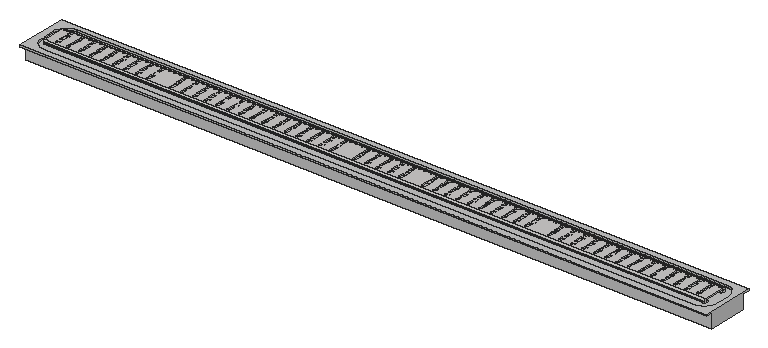
Revit family "Drain-Linear_Wave_Noble_FreeStyle", category Plumbing Fixtures, host Face, Revit 2015
Parameters (values of type "60in PVC")
  Weight = "10 lbs"
  URL = "www.noblecompany.com"
  Type Comments = ""
  Product Properties = "http://www.noblecompany.com/Portals/0/PRODUCT%20INFO/Product%20Descriptions/FreeStyle%20Linear%20Drain%20Product%20Decription%200410.pdf"
  Product Data = "http://www.noblecompany.com/Products/ShowerProducts/tabid/59/Default.aspx"
  Plate = Stainless Steel - Brushed
  Model = "Freestyle 60 PVC - Wave"
  Manufacturer Phone - Toll Free = "800-878-5788"
  Manufacturer Phone = "231-799-8000"
  Manufacturer Fax = "231-799-8850"
  Manufacturer Email = "mailto:sales@noblecompany.com"
  Manufacturer Address = "7300 Enterprise Drive, Spring Lake, MI  49456 USA"
  Manufacturer = "Noble Company"
  Installation-Fabrication = "http://www.noblecompany.com/Portals/0/PRODUCT%20INFO/Product%20Descriptions/FreeStyle%20Linear%20Drain%20Product%20Decription%200410.pdf"
  GPM = 0 GPM
  Description = "Freestyle 60 PVC - Wave Linear Drain"
  Building Codes = "http://www.noblecompany.com/Portals/0/TECHNICAL%20INFO/Listing_Testing_Certification_Reports/PMG-1065%20Noble%20Company%20Linear%20Drain%20final%202.pdf"
  Base = PVC
  B = 57 3/4"
  Assembly Code = "D2030300"
  A = 60"
  Default Elevation = 0"
  D = 1 5/8"
  C = 33 3/4"
Types (14): name | Model | Description | Base | B | A | D | C
  24in ABS | "Freestyle 24 ABS - Wave" | "Freestyle 24 ABS - Wave Linear Drain" | ABS | 21 3/4" | 24" | 1 1/4" | 15 3/4"
  32in ABS | "Freestyle 32 ABS - Wave" | "Freestyle 32 ABS - Wave Linear Drain" | ABS | 29 3/4" | 32" | 1 3/8" | 19 1/2"
  36in ABS | "Freestyle 36 ABS - Wave" | "Freestyle 36 ABS - Wave Linear Drain" | ABS | 33 3/4" | 36" | 1 3/8" | 21 3/4"
  40in ABS | "Freestyle 40 ABS - Wave" | "Freestyle 40 ABS - Wave Linear Drain" | ABS | 37 3/4" | 40" | 1 7/16" | 23 3/4"
  48in ABS | "Freestyle 48 ABS - Wave" | "Freestyle 48 ABS - Wave Linear Drain" | ABS | 45 3/4" | 48" | 1 1/2" | 27 3/4"
  54in ABS | "Freestyle 54 ABS - Wave" | "Freestyle 54 ABS - Wave Linear Drain" | ABS | 51 3/4" | 54" | 1 9/16" | 30 3/4"
  60in ABS | "Freestyle 60 ABS - Wave" | "Freestyle 60 ABS - Wave Linear Drain" | ABS | 57 3/4" | 60" | 1 5/8" | 33 3/4"
  24in PVC | "Freestyle 24 PVC - Wave" | "Freestyle 24 PVC - Wave Linear Drain" | PVC | 21 3/4" | 24" | 1 1/4" | 15 3/4"
  32in PVC | "Freestyle 32 PVC - Wave" | "Freestyle 32 PVC - Wave Linear Drain" | PVC | 29 3/4" | 32" | 1 3/8" | 19 1/2"
  36in PVC | "Freestyle 36 PVC - Wave" | "Freestyle 36 PVC - Wave Linear Drain" | PVC | 33 3/4" | 36" | 1 3/8" | 21 3/4"
  40in PVC | "Freestyle 40 PVC - Wave" | "Freestyle 40 PVC - Wave Linear Drain" | PVC | 37 3/4" | 40" | 1 7/16" | 23 3/4"
  48in PVC | "Freestyle 48 PVC - Wave" | "Freestyle 48 PVC - Wave Linear Drain" | PVC | 45 3/4" | 48" | 1 1/2" | 27 3/4"
  54in PVC | "Freestyle 54 PVC - Wave" | "Freestyle 54 PVC - Wave Linear Drain" | PVC | 51 3/4" | 54" | 1 9/16" | 30 3/4"
  60in PVC | "Freestyle 60 PVC - Wave" | "Freestyle 60 PVC - Wave Linear Drain" | PVC | 57 3/4" | 60" | 1 5/8" | 33 3/4"
Reference planes (in)
  plane 1 "Center (Front/Back)": y = 0
  plane 2: z = 0
  plane 3 "Center (Left/Right)": x = 0
  plane 4: z = -1.625
  plane 5: z = -4.05899
  plane 6: z = -1.625
  plane 7: y = 1.6875
  plane 8: y = -1.6875
  plane 9: z = -0.375
  plane 10: y = 2.25
  plane 11: y = -2.25
  plane 12: z = -0.3125
  plane 13: x = 30
  plane 14: x = -30
  plane 15: x = 28.875
  plane 16: x = -3.75
  plane 17: x = -28.875
  plane 18: z = -0.125
Forms (in)
  Extrusion 1, void, detail levels medium+fine
    sketch origin (0, 0, 0) x (1, 0, 0) y (0, 1, 0)
      loop
        circle (-3.75, 0) r 1
    from -60 to 34.55449
  Extrusion 2, solid, material "PVC" <- "Base", detail levels medium+fine
    sketch origin (10.05986, 0, 0) x (0, 1, 0) y (0, 0, 1)
      loop
        line (2.25, -0.375) -> (2.25, -0.25) -> (-2.25, -0.25) -> (-2.25, -0.375) -> (-1.6875, -0.375) -> (-1.6875, -1.625) -> (1.6875, -1.625) -> (1.6875, -0.375) -> (2.25, -0.375)
    from -40.05986 to 19.94014
  Extrusion 3, void
    sketch origin (10.05986, 0, 0) x (1, 0, 0) y (0, 1, 0)
      loop
        arc (-38.37906, 1.769) -> (-39.18512, 1.43512) -> (-39.519, 0.62906) r 1.13994
        line (-39.519, 0.62906) -> (-39.519, -0.63005)
        arc (-39.519, -0.63005) -> (-39.18541, -1.43541) -> (-38.38005, -1.769) r 1.13895
        line (-38.38005, -1.769) -> (18.37931, -1.769)
        arc (18.37931, -1.769) -> (19.18519, -1.43519) -> (19.519, -0.62931) r 1.13969
        line (19.519, -0.62931) -> (19.519, 0.62118)
        arc (19.519, 0.62118) -> (19.18281, 1.43281) -> (18.37118, 1.769) r 1.14782
        line (18.37118, 1.769) -> (-38.37906, 1.769)
    from -0.375 to 0
  Extrusion 4, void
    sketch origin (0, 0, 0) x (1, 0, 0) y (0, 1, 0)
      loop
        line (29, 1.269) -> (-29, 1.269) -> (-29, -1.269) -> (29, -1.269) -> (29, 1.269)
    from -0.125 to 0
  Extrusion 5, void, detail levels fine
    sketch origin (0, 0, 0) x (0, 1, 0) y (0, 0, 1)
      loop
        line (2.25, -0.375) -> (2.25, -0.125) -> (-2.25, -0.125) -> (-2.25, -0.375) -> (-1.6875, -0.375) -> (-1.6875, -1.625) -> (1.6875, -1.625) -> (1.6875, -0.375) -> (2.25, -0.375)
    from -30 to 30
Cuts and joins
  Extrusion 1, Extrusion 3 cuts Extrusion 2
Lines and regions (in)
  model lines, detail levels coarse+medium
    curve 1: line (-3.75, 0, 0) -> (-3.75, 0, -1.625)
  model lines, style "PlumbingFixtures", detail levels coarse
    curve 2: line (-30, 2.25, 0) -> (-30, -2.25, 0)
    curve 3: line (-30, 2.25, 0) -> (30, 2.25, 0)
    curve 4: line (30, 2.25, 0) -> (30, -2.25, 0)
    curve 5: line (-30, -2.25, 0) -> (30, -2.25, 0)
    curve 6: line (30, 0, 0) -> (-30, 0, 0)
Dimensions and locks (in)
  "D": plane 2 to plane 4
  locked: plane 4 to plane 5 at 2.43399
  "D": plane 6 to level
  equal spacing: plane 7, plane 1 "Center (Front/Back)", plane 8, locked at 1.6875 each
  locked: plane 9 to level at 0.375
  plane 7 to plane 8 = 3 3/8"
  locked: plane 10 to plane 7 at 0.5625
  locked: plane 8 to plane 11 at 0.5625
  "A": plane 14 to plane 13
  locked: plane 15 to plane 13 at 1.125
  "C": plane 16 to plane 13
  locked: plane 14 to plane 17 at 1.125
  locked: Extrusion 3 sketch curve to plane 13 at 0.42114
  locked: plane 14 to Extrusion 3 sketch curve at 0.54086
  equal spacing: plane 14, plane 3 "Center (Left/Right)", plane 13
  locked: plane 9 to plane 12 at 0.0625
  locked: level to plane 18 at 0.125
  level to Extrusion 2 sketch curve = 1/4"
  locked: plane 15 to Extrusion 4 sketch curve at 0.125
  locked: Extrusion 4 sketch curve to plane 17 at 0.125
  radius of Extrusion 1 sketch curve = 1"
  aligned and locked: plane 2 to host face
  aligned and locked: level to host face
  aligned and locked: plane 1 "Center (Front/Back)" to Extrusion 1 sketch curve
  aligned and locked: plane 13 to Extrusion 2
  aligned and locked: plane 16 to Extrusion 1 sketch curve
  aligned and locked: plane 10 to Extrusion 5 sketch curve
  aligned and locked: plane 9 to Extrusion 5 sketch curve
  aligned and locked: plane 7 to Extrusion 5 sketch curve
  aligned and locked: plane 4 to Extrusion 5 sketch curve
  aligned and locked: plane 11 to Extrusion 5 sketch curve
  aligned and locked: Extrusion 5 sketch curve to plane 8
  aligned and locked: Extrusion 5 to plane 14
  aligned and locked: plane 13 to Extrusion 5
  aligned and locked: curve 6 to plane 1 "Center (Front/Back)"
  aligned and locked: plane 14 to curve 6
  aligned and locked: plane 13 to curve 6
  aligned and locked: curve 1 to plane 16
  aligned and locked: level to curve 1
  aligned and locked: plane 6 to curve 1
  aligned and locked: Extrusion 2 to plane 14
  aligned and locked: plane 3 "Center (Left/Right)" to nested 1
  aligned and locked: plane 1 "Center (Front/Back)" to nested 1
  aligned and locked: plane 12 to nested 1
  aligned and locked: plane 9 to Extrusion 3
  aligned and locked: Extrusion 4 to plane 18
  aligned and locked: level to Extrusion 4
Automatic sketch dimensions
  host sketch curve to host sketch curve = 48 1/4"
  host sketch curve to host sketch curve = 96"
  plane 9 to Extrusion 2 sketch curve = 0"  (x2)
  Extrusion 2 sketch curve to plane 11 = 0"
  Extrusion 2 sketch curve to plane 4 = 0"
  Extrusion 2 sketch curve to plane 8 = 0"
  Extrusion 2 sketch curve to plane 7 = 0"
  Extrusion 2 sketch curve to plane 10 = 0"
  Extrusion 3 sketch curve to plane 8 = 0.0815"
  plane 17 to Extrusion 3 sketch curve = 0.55481"
  Extrusion 3 sketch curve to plane 7 = 0.0815"
  plane 17 to Extrusion 3 sketch curve = 0.5558"
  Extrusion 3 sketch curve to plane 15 = 0.44396"
  Extrusion 3 sketch curve to plane 15 = 0.43583"
  curve 2 to plane 10 = 0"
  curve 5 to plane 11 = 0"
  plane 9 to Extrusion 5 sketch curve = 0"
  Extrusion 5 sketch curve to plane 18 = 0"
  plane 8 to Extrusion 4 sketch curve = 0.4185"
  plane 7 to Extrusion 4 sketch curve = 0.4185"
Nested families (in)
  nested 1: "Strainer_Wave" at (-12.24848, 0, -0.3125), type "24"", detail levels fine
    with Strainer Length 57 3/4"
Connectors (in)
  piping at (-3.75, 0, -1.625), diameter 2, driven by "GPM"
    settings: on cut or joined group of Extrusion 1, Extrusion 2, Extrusion 3, index 1, connector inside diameter 2", connector length 0", flow factor 0, pipe flow 0 GPM, pressure drop 0.00 psi, fitting loss kfactor 0, connector angle 0.00°, fixture units 0, engagement length 0", angle of deflection 0.00°, flow configuration 0, flow direction 2, fitting loss method 0, system type 16, joint type 0, gender type 0, connector reference index -1, connector utility 0, adjustable connector no, is connector primary yes, connector description ""
Definition of nested family "Strainer_Wave"
  Parameters
    Strainer Width = 2 1/4"
    Strainer Height = 5/16"
    Strainer Length = 45 3/4"
    Strainer Finish = none
  Reference planes (in)
    plane 1 "Center (Front/Back)": y = 0
    plane 2: z = 0
    plane 3 "Center (Left/Right)": x = 12.24848
    plane 4 "Left": x = -10.62652
    plane 5 "Right": x = 35.12348
    plane 6: y = 1.125
    plane 7: y = -1.125
    plane 8: x = 42.24848
    plane 9: x = -17.75152
    plane 10: z = 0.3125
  Forms (in)
    Extrusion 1, void
      sketch origin (12.24848, 0, 0) x (0, 1, 0) y (0, 0, 1)
        loop
          line (1.1245, 0.3125) -> (0.9995, 0.3125)
          arc (0.9995, 0.3125) -> (1.08789, 0.27589) -> (1.1245, 0.1875) r 0.125
          line (1.1245, 0.1875) -> (1.1245, 0.3125)
        loop
          line (-1.1245, 0.3125) -> (-1.1245, 0.1875)
          arc (-1.1245, 0.1875) -> (-1.08789, 0.27589) -> (-0.9995, 0.3125) r 0.125
          line (-0.9995, 0.3125) -> (-1.1245, 0.3125)
        loop
          line (1.1245, 0) -> (1.1245, 0.125)
          arc (1.1245, 0.125) -> (1.08789, 0.03661) -> (0.9995, 0) r 0.125
          line (0.9995, 0) -> (1.1245, 0)
        loop
          line (-1.1245, 0) -> (-0.9995, 0)
          arc (-0.9995, 0) -> (-1.08789, 0.03661) -> (-1.1245, 0.125) r 0.125
          line (-1.1245, 0.125) -> (-1.1245, 0)
        loop
          line (-0.75, 0) -> (0.75, 0) -> (0.75, 0.0625) -> (0.9995, 0.0625)
          arc (0.9995, 0.0625) -> (1.06302, 0.15625) -> (0.9995, 0.25) r 0.10095
          line (0.9995, 0.25) -> (-0.9995, 0.25)
          arc (-0.9995, 0.25) -> (-1.06302, 0.15625) -> (-0.9995, 0.0625) r 0.10095
          line (-0.9995, 0.0625) -> (-0.75, 0.0625) -> (-0.75, 0)
      from -30 to 30
    Extrusion 2, void
      sketch origin (0, 0, 0) x (1, 0, 0) y (0, 1, 0)
        loop
          line (-17.75152, 1.25) -> (-17.75152, -1.25) -> (-10.62652, -1.25) -> (-10.62652, 1.25) -> (-17.75152, 1.25)
        loop
          line (35.12348, 1.25) -> (35.12348, -1.25) -> (42.24848, -1.25) -> (42.24848, 1.25) -> (35.12348, 1.25)
      from 0 to 0.3125
    Extrusion 3, solid, material <- "Strainer Finish", detail levels medium+fine
      sketch origin (0, 0, 0) x (1, 0, 0) y (0, 1, 0)
        loop
          line (-16.62652, 1.1245) -> (-16.62652, -1.1245) -> (41.12348, -1.1245) -> (41.12348, 1.1245) -> (-16.62652, 1.1245)
        loop
          line (-13.61152, -0.13547) -> (-13.61152, 0.2565) -> (-13.89152, 0.30808) -> (-13.89152, -0.18704) -> (-13.61152, -0.13547)
        loop
          line (-14.61152, -0.28503) -> (-14.61152, 0.40552) -> (-14.89152, 0.4255) -> (-14.89152, -0.30501) -> (-14.61152, -0.28503)
        loop
          line (-15.61152, -0.30506) -> (-15.61152, 0.42609) -> (-15.89152, 0.40611) -> (-15.89152, -0.28508) -> (-15.61152, -0.30506)
        loop
          line (-11.61152, 0.13847) -> (-11.89704, 0.06052) -> (-11.61152, -0.01744) -> (-11.61152, 0.13847)
        loop
          line (-12.89152, 0.13847) -> (-12.89152, -0.01744) -> (-12.606, 0.06052) -> (-12.89152, 0.13847)
        loop
          line (-15.89152, 0.65709) -> (-15.61152, 0.67707) -> (-15.61152, 0.81052)
          arc (-15.61152, 0.81052) -> (-15.75152, 0.95052) -> (-15.89152, 0.81052) r 0.14
          line (-15.89152, 0.81052) -> (-15.89152, 0.65709)
        loop
          line (-14.89152, 0.67639) -> (-14.61152, 0.65641) -> (-14.61152, 0.81052)
          arc (-14.61152, 0.81052) -> (-14.75152, 0.95052) -> (-14.89152, 0.81052) r 0.14
          line (-14.89152, 0.81052) -> (-14.89152, 0.67639)
        loop
          line (-13.89152, 0.5617) -> (-13.61152, 0.51012) -> (-13.61152, 0.81052)
          arc (-13.61152, 0.81052) -> (-13.75152, 0.95052) -> (-13.89152, 0.81052) r 0.14
          line (-13.89152, 0.81052) -> (-13.89152, 0.5617)
        loop
          arc (-12.61152, 0.81052) -> (-12.75152, 0.95052) -> (-12.89152, 0.81052) r 0.14
          line (-12.89152, 0.81052) -> (-12.89152, 0.36578) -> (-12.61152, 0.28933) -> (-12.61152, 0.81052)
        loop
          line (-15.89152, -0.53606) -> (-15.89152, -0.68948)
          arc (-15.89152, -0.68948) -> (-15.75152, -0.82948) -> (-15.61152, -0.68948) r 0.14
          line (-15.61152, -0.68948) -> (-15.61152, -0.55604) -> (-15.89152, -0.53606)
        loop
          line (-14.89152, -0.55535) -> (-14.89152, -0.68948)
          arc (-14.89152, -0.68948) -> (-14.75152, -0.82948) -> (-14.61152, -0.68948) r 0.14
          line (-14.61152, -0.68948) -> (-14.61152, -0.53538) -> (-14.89152, -0.55535)
        loop
          line (-13.89152, -0.44067) -> (-13.89152, -0.68948)
          arc (-13.89152, -0.68948) -> (-13.75152, -0.82948) -> (-13.61152, -0.68948) r 0.14
          line (-13.61152, -0.68948) -> (-13.61152, -0.38909) -> (-13.89152, -0.44067)
        loop
          line (-12.61152, -0.68948) -> (-12.61152, -0.1683) -> (-12.89152, -0.24475) -> (-12.89152, -0.68948)
          arc (-12.89152, -0.68948) -> (-12.75152, -0.82948) -> (-12.61152, -0.68948) r 0.14
        loop
          arc (-11.61152, 0.81052) -> (-11.75152, 0.95052) -> (-11.89152, 0.81052) r 0.14
          line (-11.89152, 0.81052) -> (-11.89152, 0.26879) -> (-11.61152, 0.34524) -> (-11.61152, 0.81052)
        loop
          line (-11.61152, -0.68948) -> (-11.61152, -0.22825) -> (-11.89152, -0.1518) -> (-11.89152, -0.68948)
          arc (-11.89152, -0.68948) -> (-11.75152, -0.82948) -> (-11.61152, -0.68948) r 0.14
        loop
          line (-8.61152, -0.17208) -> (-8.61152, 0.29086) -> (-8.89152, 0.34244) -> (-8.89152, -0.22366) -> (-8.61152, -0.17208)
        loop
          line (-7.89152, 0.13847) -> (-7.89152, -0.01744) -> (-7.606, 0.06052) -> (-7.89152, 0.13847)
        loop
          line (-8.89152, 0.59665) -> (-8.61152, 0.54507) -> (-8.61152, 0.81052)
          arc (-8.61152, 0.81052) -> (-8.75152, 0.95052) -> (-8.89152, 0.81052) r 0.14
          line (-8.89152, 0.81052) -> (-8.89152, 0.59665)
        loop
          arc (-7.61152, 0.81052) -> (-7.75152, 0.95052) -> (-7.89152, 0.81052) r 0.14
          line (-7.89152, 0.81052) -> (-7.89152, 0.39762) -> (-7.61152, 0.32117) -> (-7.61152, 0.81052)
        loop
          line (-8.89152, -0.47786) -> (-8.89152, -0.68948)
          arc (-8.89152, -0.68948) -> (-8.75152, -0.82948) -> (-8.61152, -0.68948) r 0.14
          line (-8.61152, -0.68948) -> (-8.61152, -0.42628) -> (-8.89152, -0.47786)
        loop
          line (-7.61152, -0.68948) -> (-7.61152, -0.20014) -> (-7.89152, -0.27659) -> (-7.89152, -0.68948)
          arc (-7.89152, -0.68948) -> (-7.75152, -0.82948) -> (-7.61152, -0.68948) r 0.14
        loop
          line (-10.89664, -0.13547) -> (-10.61664, -0.18704) -> (-10.61664, 0.30808) -> (-10.89664, 0.2565) -> (-10.89664, -0.13547)
        loop
          line (-10.61664, 0.5617) -> (-10.61664, 0.81052)
          arc (-10.61664, 0.81052) -> (-10.75664, 0.95052) -> (-10.89664, 0.81052) r 0.14
          line (-10.89664, 0.81052) -> (-10.89664, 0.51012) -> (-10.61664, 0.5617)
        loop
          line (-10.61664, -0.44067) -> (-10.89664, -0.38909) -> (-10.89664, -0.68948)
          arc (-10.89664, -0.68948) -> (-10.75664, -0.82948) -> (-10.61664, -0.68948) r 0.14
          line (-10.61664, -0.68948) -> (-10.61664, -0.44067)
        loop
          line (-9.61152, -0.30501) -> (-9.61152, 0.4255) -> (-9.89152, 0.4255) -> (-9.89152, -0.30501) -> (-9.61152, -0.30501)
        loop
          line (-9.89152, 0.67639) -> (-9.61152, 0.65641) -> (-9.61152, 0.81052)
          arc (-9.61152, 0.81052) -> (-9.75152, 0.95052) -> (-9.89152, 0.81052) r 0.14
          line (-9.89152, 0.81052) -> (-9.89152, 0.67639)
        loop
          line (-9.89152, -0.55535) -> (-9.89152, -0.68948)
          arc (-9.89152, -0.68948) -> (-9.75152, -0.82948) -> (-9.61152, -0.68948) r 0.14
          line (-9.61152, -0.68948) -> (-9.61152, -0.55535) -> (-9.89152, -0.55535)
        loop
          line (-5.61152, 0.13847) -> (-5.89704, 0.06052) -> (-5.61152, -0.01744) -> (-5.61152, 0.13847)
        loop
          arc (-5.61152, 0.81052) -> (-5.75152, 0.95052) -> (-5.89152, 0.81052) r 0.14
          line (-5.89152, 0.81052) -> (-5.89152, 0.26879) -> (-5.61152, 0.34524) -> (-5.61152, 0.81052)
        loop
          line (-5.61152, -0.68948) -> (-5.61152, -0.22825) -> (-5.89152, -0.1518) -> (-5.89152, -0.68948)
          arc (-5.89152, -0.68948) -> (-5.75152, -0.82948) -> (-5.61152, -0.68948) r 0.14
        loop
          line (-2.61152, -0.17208) -> (-2.61152, 0.29086) -> (-2.89152, 0.34244) -> (-2.89152, -0.22366) -> (-2.61152, -0.17208)
        loop
          line (-1.89152, 0.13847) -> (-1.89152, -0.01744) -> (-1.606, 0.06052) -> (-1.89152, 0.13847)
        loop
          line (-2.89152, 0.59665) -> (-2.61152, 0.54507) -> (-2.61152, 0.81052)
          arc (-2.61152, 0.81052) -> (-2.75152, 0.95052) -> (-2.89152, 0.81052) r 0.14
          line (-2.89152, 0.81052) -> (-2.89152, 0.59665)
        loop
          arc (-1.61152, 0.81052) -> (-1.75152, 0.95052) -> (-1.89152, 0.81052) r 0.14
          line (-1.89152, 0.81052) -> (-1.89152, 0.39762) -> (-1.61152, 0.32117) -> (-1.61152, 0.81052)
        loop
          line (-2.89152, -0.47786) -> (-2.89152, -0.68948)
          arc (-2.89152, -0.68948) -> (-2.75152, -0.82948) -> (-2.61152, -0.68948) r 0.14
          line (-2.61152, -0.68948) -> (-2.61152, -0.42628) -> (-2.89152, -0.47786)
        loop
          line (-1.61152, -0.68948) -> (-1.61152, -0.20014) -> (-1.89152, -0.27659) -> (-1.89152, -0.68948)
          arc (-1.89152, -0.68948) -> (-1.75152, -0.82948) -> (-1.61152, -0.68948) r 0.14
        loop
          line (-4.89664, -0.13547) -> (-4.61664, -0.18704) -> (-4.61664, 0.30808) -> (-4.89664, 0.2565) -> (-4.89664, -0.13547)
        loop
          line (-4.61664, 0.5617) -> (-4.61664, 0.81052)
          arc (-4.61664, 0.81052) -> (-4.75664, 0.95052) -> (-4.89664, 0.81052) r 0.14
          line (-4.89664, 0.81052) -> (-4.89664, 0.51012) -> (-4.61664, 0.5617)
        loop
          line (-4.61664, -0.44067) -> (-4.89664, -0.38909) -> (-4.89664, -0.68948)
          arc (-4.89664, -0.68948) -> (-4.75664, -0.82948) -> (-4.61664, -0.68948) r 0.14
          line (-4.61664, -0.68948) -> (-4.61664, -0.44067)
        loop
          line (-3.61152, -0.30501) -> (-3.61152, 0.4255) -> (-3.89152, 0.4255) -> (-3.89152, -0.30501) -> (-3.61152, -0.30501)
        loop
          line (-3.89152, 0.67639) -> (-3.61152, 0.65641) -> (-3.61152, 0.81052)
          arc (-3.61152, 0.81052) -> (-3.75152, 0.95052) -> (-3.89152, 0.81052) r 0.14
          line (-3.89152, 0.81052) -> (-3.89152, 0.67639)
        loop
          line (-3.89152, -0.55535) -> (-3.89152, -0.68948)
          arc (-3.89152, -0.68948) -> (-3.75152, -0.82948) -> (-3.61152, -0.68948) r 0.14
          line (-3.61152, -0.68948) -> (-3.61152, -0.55535) -> (-3.89152, -0.55535)
        loop
          line (-0.61152, 0.13847) -> (-0.89704, 0.06052) -> (-0.61152, -0.01744) -> (-0.61152, 0.13847)
        loop
          arc (-0.61152, 0.81052) -> (-0.75152, 0.95052) -> (-0.89152, 0.81052) r 0.14
          line (-0.89152, 0.81052) -> (-0.89152, 0.26879) -> (-0.61152, 0.34524) -> (-0.61152, 0.81052)
        loop
          line (-0.61152, -0.68948) -> (-0.61152, -0.22825) -> (-0.89152, -0.1518) -> (-0.89152, -0.68948)
          arc (-0.89152, -0.68948) -> (-0.75152, -0.82948) -> (-0.61152, -0.68948) r 0.14
        loop
          line (2.38848, -0.17208) -> (2.38848, 0.29086) -> (2.10848, 0.34244) -> (2.10848, -0.22366) -> (2.38848, -0.17208)
        loop
          line (3.10848, 0.13847) -> (3.10848, -0.01744) -> (3.394, 0.06052) -> (3.10848, 0.13847)
        loop
          line (2.10848, 0.59665) -> (2.38848, 0.54507) -> (2.38848, 0.81052)
          arc (2.38848, 0.81052) -> (2.24848, 0.95052) -> (2.10848, 0.81052) r 0.14
          line (2.10848, 0.81052) -> (2.10848, 0.59665)
        loop
          arc (3.38848, 0.81052) -> (3.24848, 0.95052) -> (3.10848, 0.81052) r 0.14
          line (3.10848, 0.81052) -> (3.10848, 0.39762) -> (3.38848, 0.32117) -> (3.38848, 0.81052)
        loop
          line (2.10848, -0.47786) -> (2.10848, -0.68948)
          arc (2.10848, -0.68948) -> (2.24848, -0.82948) -> (2.38848, -0.68948) r 0.14
          line (2.38848, -0.68948) -> (2.38848, -0.42628) -> (2.10848, -0.47786)
        loop
          line (3.38848, -0.68948) -> (3.38848, -0.20014) -> (3.10848, -0.27659) -> (3.10848, -0.68948)
          arc (3.10848, -0.68948) -> (3.24848, -0.82948) -> (3.38848, -0.68948) r 0.14
        loop
          line (0.10336, -0.13547) -> (0.38336, -0.18704) -> (0.38336, 0.30808) -> (0.10336, 0.2565) -> (0.10336, -0.13547)
        loop
          line (0.38336, 0.5617) -> (0.38336, 0.81052)
          arc (0.38336, 0.81052) -> (0.24336, 0.95052) -> (0.10336, 0.81052) r 0.14
          line (0.10336, 0.81052) -> (0.10336, 0.51012) -> (0.38336, 0.5617)
        loop
          line (0.38336, -0.44067) -> (0.10336, -0.38909) -> (0.10336, -0.68948)
          arc (0.10336, -0.68948) -> (0.24336, -0.82948) -> (0.38336, -0.68948) r 0.14
          line (0.38336, -0.68948) -> (0.38336, -0.44067)
        loop
          line (1.38848, -0.30501) -> (1.38848, 0.4255) -> (1.10848, 0.4255) -> (1.10848, -0.30501) -> (1.38848, -0.30501)
        loop
          line (1.10848, 0.67639) -> (1.38848, 0.65641) -> (1.38848, 0.81052)
          arc (1.38848, 0.81052) -> (1.24848, 0.95052) -> (1.10848, 0.81052) r 0.14
          line (1.10848, 0.81052) -> (1.10848, 0.67639)
        loop
          line (1.10848, -0.55535) -> (1.10848, -0.68948)
          arc (1.10848, -0.68948) -> (1.24848, -0.82948) -> (1.38848, -0.68948) r 0.14
          line (1.38848, -0.68948) -> (1.38848, -0.55535) -> (1.10848, -0.55535)
        loop
          line (4.38848, 0.13847) -> (4.10296, 0.06052) -> (4.38848, -0.01744) -> (4.38848, 0.13847)
        loop
          arc (4.38848, 0.81052) -> (4.24848, 0.95052) -> (4.10848, 0.81052) r 0.14
          line (4.10848, 0.81052) -> (4.10848, 0.26879) -> (4.38848, 0.34524) -> (4.38848, 0.81052)
        loop
          line (4.38848, -0.68948) -> (4.38848, -0.22825) -> (4.10848, -0.1518) -> (4.10848, -0.68948)
          arc (4.10848, -0.68948) -> (4.24848, -0.82948) -> (4.38848, -0.68948) r 0.14
        loop
          line (7.38848, -0.17208) -> (7.38848, 0.29086) -> (7.10848, 0.34244) -> (7.10848, -0.22366) -> (7.38848, -0.17208)
        loop
          line (8.10848, 0.13847) -> (8.10848, -0.01744) -> (8.394, 0.06052) -> (8.10848, 0.13847)
        loop
          line (7.10848, 0.59665) -> (7.38848, 0.54507) -> (7.38848, 0.81052)
          arc (7.38848, 0.81052) -> (7.24848, 0.95052) -> (7.10848, 0.81052) r 0.14
          line (7.10848, 0.81052) -> (7.10848, 0.59665)
        loop
          arc (8.38848, 0.81052) -> (8.24848, 0.95052) -> (8.10848, 0.81052) r 0.14
          line (8.10848, 0.81052) -> (8.10848, 0.39762) -> (8.38848, 0.32117) -> (8.38848, 0.81052)
        loop
          line (7.10848, -0.47786) -> (7.10848, -0.68948)
          arc (7.10848, -0.68948) -> (7.24848, -0.82948) -> (7.38848, -0.68948) r 0.14
          line (7.38848, -0.68948) -> (7.38848, -0.42628) -> (7.10848, -0.47786)
        loop
          line (8.38848, -0.68948) -> (8.38848, -0.20014) -> (8.10848, -0.27659) -> (8.10848, -0.68948)
          arc (8.10848, -0.68948) -> (8.24848, -0.82948) -> (8.38848, -0.68948) r 0.14
        loop
          line (5.10336, -0.13547) -> (5.38336, -0.18704) -> (5.38336, 0.30808) -> (5.10336, 0.2565) -> (5.10336, -0.13547)
        loop
          line (5.38336, 0.5617) -> (5.38336, 0.81052)
          arc (5.38336, 0.81052) -> (5.24336, 0.95052) -> (5.10336, 0.81052) r 0.14
          line (5.10336, 0.81052) -> (5.10336, 0.51012) -> (5.38336, 0.5617)
        loop
          line (5.38336, -0.44067) -> (5.10336, -0.38909) -> (5.10336, -0.68948)
          arc (5.10336, -0.68948) -> (5.24336, -0.82948) -> (5.38336, -0.68948) r 0.14
          line (5.38336, -0.68948) -> (5.38336, -0.44067)
        loop
          line (6.38848, -0.30501) -> (6.38848, 0.4255) -> (6.10848, 0.4255) -> (6.10848, -0.30501) -> (6.38848, -0.30501)
        loop
          line (6.10848, 0.67639) -> (6.38848, 0.65641) -> (6.38848, 0.81052)
          arc (6.38848, 0.81052) -> (6.24848, 0.95052) -> (6.10848, 0.81052) r 0.14
          line (6.10848, 0.81052) -> (6.10848, 0.67639)
        loop
          line (6.10848, -0.55535) -> (6.10848, -0.68948)
          arc (6.10848, -0.68948) -> (6.24848, -0.82948) -> (6.38848, -0.68948) r 0.14
          line (6.38848, -0.68948) -> (6.38848, -0.55535) -> (6.10848, -0.55535)
        loop
          line (10.38848, 0.13847) -> (10.10296, 0.06052) -> (10.38848, -0.01744) -> (10.38848, 0.13847)
        loop
          arc (10.38848, 0.81052) -> (10.24848, 0.95052) -> (10.10848, 0.81052) r 0.14
          line (10.10848, 0.81052) -> (10.10848, 0.26879) -> (10.38848, 0.34524) -> (10.38848, 0.81052)
        loop
          line (10.38848, -0.68948) -> (10.38848, -0.22825) -> (10.10848, -0.1518) -> (10.10848, -0.68948)
          arc (10.10848, -0.68948) -> (10.24848, -0.82948) -> (10.38848, -0.68948) r 0.14
        loop
          line (13.38848, -0.17208) -> (13.38848, 0.29086) -> (13.10848, 0.34244) -> (13.10848, -0.22366) -> (13.38848, -0.17208)
        loop
          line (14.10848, 0.13847) -> (14.10848, -0.01744) -> (14.394, 0.06052) -> (14.10848, 0.13847)
        loop
          line (13.10848, 0.59665) -> (13.38848, 0.54507) -> (13.38848, 0.81052)
          arc (13.38848, 0.81052) -> (13.24848, 0.95052) -> (13.10848, 0.81052) r 0.14
          line (13.10848, 0.81052) -> (13.10848, 0.59665)
        loop
          arc (14.38848, 0.81052) -> (14.24848, 0.95052) -> (14.10848, 0.81052) r 0.14
          line (14.10848, 0.81052) -> (14.10848, 0.39762) -> (14.38848, 0.32117) -> (14.38848, 0.81052)
        loop
          line (13.10848, -0.47786) -> (13.10848, -0.68948)
          arc (13.10848, -0.68948) -> (13.24848, -0.82948) -> (13.38848, -0.68948) r 0.14
          line (13.38848, -0.68948) -> (13.38848, -0.42628) -> (13.10848, -0.47786)
        loop
          line (14.38848, -0.68948) -> (14.38848, -0.20014) -> (14.10848, -0.27659) -> (14.10848, -0.68948)
          arc (14.10848, -0.68948) -> (14.24848, -0.82948) -> (14.38848, -0.68948) r 0.14
        loop
          line (11.10336, -0.13547) -> (11.38336, -0.18704) -> (11.38336, 0.30808) -> (11.10336, 0.2565) -> (11.10336, -0.13547)
        loop
          line (11.38336, 0.5617) -> (11.38336, 0.81052)
          arc (11.38336, 0.81052) -> (11.24336, 0.95052) -> (11.10336, 0.81052) r 0.14
          line (11.10336, 0.81052) -> (11.10336, 0.51012) -> (11.38336, 0.5617)
        loop
          line (11.38336, -0.44067) -> (11.10336, -0.38909) -> (11.10336, -0.68948)
          arc (11.10336, -0.68948) -> (11.24336, -0.82948) -> (11.38336, -0.68948) r 0.14
          line (11.38336, -0.68948) -> (11.38336, -0.44067)
        loop
          line (12.38848, -0.30501) -> (12.38848, 0.4255) -> (12.10848, 0.4255) -> (12.10848, -0.30501) -> (12.38848, -0.30501)
        loop
          line (12.10848, 0.67639) -> (12.38848, 0.65641) -> (12.38848, 0.81052)
          arc (12.38848, 0.81052) -> (12.24848, 0.95052) -> (12.10848, 0.81052) r 0.14
          line (12.10848, 0.81052) -> (12.10848, 0.67639)
        loop
          line (12.10848, -0.55535) -> (12.10848, -0.68948)
          arc (12.10848, -0.68948) -> (12.24848, -0.82948) -> (12.38848, -0.68948) r 0.14
          line (12.38848, -0.68948) -> (12.38848, -0.55535) -> (12.10848, -0.55535)
        loop
          line (16.38848, 0.13847) -> (16.10296, 0.06052) -> (16.38848, -0.01744) -> (16.38848, 0.13847)
        loop
          arc (16.38848, 0.81052) -> (16.24848, 0.95052) -> (16.10848, 0.81052) r 0.14
          line (16.10848, 0.81052) -> (16.10848, 0.26879) -> (16.38848, 0.34524) -> (16.38848, 0.81052)
        loop
          line (16.38848, -0.68948) -> (16.38848, -0.22825) -> (16.10848, -0.1518) -> (16.10848, -0.68948)
          arc (16.10848, -0.68948) -> (16.24848, -0.82948) -> (16.38848, -0.68948) r 0.14
        loop
          line (19.38848, -0.17208) -> (19.38848, 0.29086) -> (19.10848, 0.34244) -> (19.10848, -0.22366) -> (19.38848, -0.17208)
        loop
          line (20.10848, 0.13847) -> (20.10848, -0.01744) -> (20.394, 0.06052) -> (20.10848, 0.13847)
        loop
          line (19.10848, 0.59665) -> (19.38848, 0.54507) -> (19.38848, 0.81052)
          arc (19.38848, 0.81052) -> (19.24848, 0.95052) -> (19.10848, 0.81052) r 0.14
          line (19.10848, 0.81052) -> (19.10848, 0.59665)
        loop
          arc (20.38848, 0.81052) -> (20.24848, 0.95052) -> (20.10848, 0.81052) r 0.14
          line (20.10848, 0.81052) -> (20.10848, 0.39762) -> (20.38848, 0.32117) -> (20.38848, 0.81052)
        loop
          line (19.10848, -0.47786) -> (19.10848, -0.68948)
          arc (19.10848, -0.68948) -> (19.24848, -0.82948) -> (19.38848, -0.68948) r 0.14
          line (19.38848, -0.68948) -> (19.38848, -0.42628) -> (19.10848, -0.47786)
        loop
          line (20.38848, -0.68948) -> (20.38848, -0.20014) -> (20.10848, -0.27659) -> (20.10848, -0.68948)
          arc (20.10848, -0.68948) -> (20.24848, -0.82948) -> (20.38848, -0.68948) r 0.14
        loop
          line (17.10336, -0.13547) -> (17.38336, -0.18704) -> (17.38336, 0.30808) -> (17.10336, 0.2565) -> (17.10336, -0.13547)
        loop
          line (17.38336, 0.5617) -> (17.38336, 0.81052)
          arc (17.38336, 0.81052) -> (17.24336, 0.95052) -> (17.10336, 0.81052) r 0.14
          line (17.10336, 0.81052) -> (17.10336, 0.51012) -> (17.38336, 0.5617)
        loop
          line (17.38336, -0.44067) -> (17.10336, -0.38909) -> (17.10336, -0.68948)
          arc (17.10336, -0.68948) -> (17.24336, -0.82948) -> (17.38336, -0.68948) r 0.14
          line (17.38336, -0.68948) -> (17.38336, -0.44067)
        loop
          line (18.38848, -0.30501) -> (18.38848, 0.4255) -> (18.10848, 0.4255) -> (18.10848, -0.30501) -> (18.38848, -0.30501)
        loop
          line (18.10848, 0.67639) -> (18.38848, 0.65641) -> (18.38848, 0.81052)
          arc (18.38848, 0.81052) -> (18.24848, 0.95052) -> (18.10848, 0.81052) r 0.14
          line (18.10848, 0.81052) -> (18.10848, 0.67639)
        loop
          line (18.10848, -0.55535) -> (18.10848, -0.68948)
          arc (18.10848, -0.68948) -> (18.24848, -0.82948) -> (18.38848, -0.68948) r 0.14
          line (18.38848, -0.68948) -> (18.38848, -0.55535) -> (18.10848, -0.55535)
        loop
          line (21.38848, 0.13847) -> (21.10296, 0.06052) -> (21.38848, -0.01744) -> (21.38848, 0.13847)
        loop
          arc (21.38848, 0.81052) -> (21.24848, 0.95052) -> (21.10848, 0.81052) r 0.14
          line (21.10848, 0.81052) -> (21.10848, 0.26879) -> (21.38848, 0.34524) -> (21.38848, 0.81052)
        loop
          line (21.38848, -0.68948) -> (21.38848, -0.22825) -> (21.10848, -0.1518) -> (21.10848, -0.68948)
          arc (21.10848, -0.68948) -> (21.24848, -0.82948) -> (21.38848, -0.68948) r 0.14
        loop
          line (24.38848, -0.17208) -> (24.38848, 0.29086) -> (24.10848, 0.34244) -> (24.10848, -0.22366) -> (24.38848, -0.17208)
        loop
          line (25.10848, 0.13847) -> (25.10848, -0.01744) -> (25.394, 0.06052) -> (25.10848, 0.13847)
        loop
          line (24.10848, 0.59665) -> (24.38848, 0.54507) -> (24.38848, 0.81052)
          arc (24.38848, 0.81052) -> (24.24848, 0.95052) -> (24.10848, 0.81052) r 0.14
          line (24.10848, 0.81052) -> (24.10848, 0.59665)
        loop
          arc (25.38848, 0.81052) -> (25.24848, 0.95052) -> (25.10848, 0.81052) r 0.14
          line (25.10848, 0.81052) -> (25.10848, 0.39762) -> (25.38848, 0.32117) -> (25.38848, 0.81052)
        loop
          line (24.10848, -0.47786) -> (24.10848, -0.68948)
          arc (24.10848, -0.68948) -> (24.24848, -0.82948) -> (24.38848, -0.68948) r 0.14
          line (24.38848, -0.68948) -> (24.38848, -0.42628) -> (24.10848, -0.47786)
        loop
          line (25.38848, -0.68948) -> (25.38848, -0.20014) -> (25.10848, -0.27659) -> (25.10848, -0.68948)
          arc (25.10848, -0.68948) -> (25.24848, -0.82948) -> (25.38848, -0.68948) r 0.14
        loop
          line (22.10336, -0.13547) -> (22.38336, -0.18704) -> (22.38336, 0.30808) -> (22.10336, 0.2565) -> (22.10336, -0.13547)
        loop
          line (22.38336, 0.5617) -> (22.38336, 0.81052)
          arc (22.38336, 0.81052) -> (22.24336, 0.95052) -> (22.10336, 0.81052) r 0.14
          line (22.10336, 0.81052) -> (22.10336, 0.51012) -> (22.38336, 0.5617)
        loop
          line (22.38336, -0.44067) -> (22.10336, -0.38909) -> (22.10336, -0.68948)
          arc (22.10336, -0.68948) -> (22.24336, -0.82948) -> (22.38336, -0.68948) r 0.14
          line (22.38336, -0.68948) -> (22.38336, -0.44067)
        loop
          line (23.38848, -0.30501) -> (23.38848, 0.4255) -> (23.10848, 0.4255) -> (23.10848, -0.30501) -> (23.38848, -0.30501)
        loop
          line (23.10848, 0.67639) -> (23.38848, 0.65641) -> (23.38848, 0.81052)
          arc (23.38848, 0.81052) -> (23.24848, 0.95052) -> (23.10848, 0.81052) r 0.14
          line (23.10848, 0.81052) -> (23.10848, 0.67639)
        loop
          line (23.10848, -0.55535) -> (23.10848, -0.68948)
          arc (23.10848, -0.68948) -> (23.24848, -0.82948) -> (23.38848, -0.68948) r 0.14
          line (23.38848, -0.68948) -> (23.38848, -0.55535) -> (23.10848, -0.55535)
        loop
          line (27.38848, 0.13847) -> (27.10296, 0.06052) -> (27.38848, -0.01744) -> (27.38848, 0.13847)
        loop
          arc (27.38848, 0.81052) -> (27.24848, 0.95052) -> (27.10848, 0.81052) r 0.14
          line (27.10848, 0.81052) -> (27.10848, 0.26879) -> (27.38848, 0.34524) -> (27.38848, 0.81052)
        loop
          line (27.38848, -0.68948) -> (27.38848, -0.22825) -> (27.10848, -0.1518) -> (27.10848, -0.68948)
          arc (27.10848, -0.68948) -> (27.24848, -0.82948) -> (27.38848, -0.68948) r 0.14
        loop
          line (30.38848, -0.17208) -> (30.38848, 0.29086) -> (30.10848, 0.34244) -> (30.10848, -0.22366) -> (30.38848, -0.17208)
        loop
          line (31.10848, 0.13847) -> (31.10848, -0.01744) -> (31.394, 0.06052) -> (31.10848, 0.13847)
        loop
          line (30.10848, 0.59665) -> (30.38848, 0.54507) -> (30.38848, 0.81052)
          arc (30.38848, 0.81052) -> (30.24848, 0.95052) -> (30.10848, 0.81052) r 0.14
          line (30.10848, 0.81052) -> (30.10848, 0.59665)
        loop
          arc (31.38848, 0.81052) -> (31.24848, 0.95052) -> (31.10848, 0.81052) r 0.14
          line (31.10848, 0.81052) -> (31.10848, 0.39762) -> (31.38848, 0.32117) -> (31.38848, 0.81052)
        loop
          line (30.10848, -0.47786) -> (30.10848, -0.68948)
          arc (30.10848, -0.68948) -> (30.24848, -0.82948) -> (30.38848, -0.68948) r 0.14
          line (30.38848, -0.68948) -> (30.38848, -0.42628) -> (30.10848, -0.47786)
        loop
          line (31.38848, -0.68948) -> (31.38848, -0.20014) -> (31.10848, -0.27659) -> (31.10848, -0.68948)
          arc (31.10848, -0.68948) -> (31.24848, -0.82948) -> (31.38848, -0.68948) r 0.14
        loop
          line (28.10336, -0.13547) -> (28.38336, -0.18704) -> (28.38336, 0.30808) -> (28.10336, 0.2565) -> (28.10336, -0.13547)
        loop
          line (28.38336, 0.5617) -> (28.38336, 0.81052)
          arc (28.38336, 0.81052) -> (28.24336, 0.95052) -> (28.10336, 0.81052) r 0.14
          line (28.10336, 0.81052) -> (28.10336, 0.51012) -> (28.38336, 0.5617)
        loop
          line (28.38336, -0.44067) -> (28.10336, -0.38909) -> (28.10336, -0.68948)
          arc (28.10336, -0.68948) -> (28.24336, -0.82948) -> (28.38336, -0.68948) r 0.14
          line (28.38336, -0.68948) -> (28.38336, -0.44067)
        loop
          line (29.38848, -0.30501) -> (29.38848, 0.4255) -> (29.10848, 0.4255) -> (29.10848, -0.30501) -> (29.38848, -0.30501)
        loop
          line (29.10848, 0.67639) -> (29.38848, 0.65641) -> (29.38848, 0.81052)
          arc (29.38848, 0.81052) -> (29.24848, 0.95052) -> (29.10848, 0.81052) r 0.14
          line (29.10848, 0.81052) -> (29.10848, 0.67639)
        loop
          line (29.10848, -0.55535) -> (29.10848, -0.68948)
          arc (29.10848, -0.68948) -> (29.24848, -0.82948) -> (29.38848, -0.68948) r 0.14
          line (29.38848, -0.68948) -> (29.38848, -0.55535) -> (29.10848, -0.55535)
        loop
          line (32.38848, 0.13847) -> (32.10296, 0.06052) -> (32.38848, -0.01744) -> (32.38848, 0.13847)
        loop
          arc (32.38848, 0.81052) -> (32.24848, 0.95052) -> (32.10848, 0.81052) r 0.14
          line (32.10848, 0.81052) -> (32.10848, 0.26879) -> (32.38848, 0.34524) -> (32.38848, 0.81052)
        loop
          line (32.38848, -0.68948) -> (32.38848, -0.22825) -> (32.10848, -0.1518) -> (32.10848, -0.68948)
          arc (32.10848, -0.68948) -> (32.24848, -0.82948) -> (32.38848, -0.68948) r 0.14
        loop
          line (35.38848, -0.17208) -> (35.38848, 0.29086) -> (35.10848, 0.34244) -> (35.10848, -0.22366) -> (35.38848, -0.17208)
        loop
          line (36.10848, 0.13847) -> (36.10848, -0.01744) -> (36.394, 0.06052) -> (36.10848, 0.13847)
        loop
          line (35.10848, 0.59665) -> (35.38848, 0.54507) -> (35.38848, 0.81052)
          arc (35.38848, 0.81052) -> (35.24848, 0.95052) -> (35.10848, 0.81052) r 0.14
          line (35.10848, 0.81052) -> (35.10848, 0.59665)
        loop
          arc (36.38848, 0.81052) -> (36.24848, 0.95052) -> (36.10848, 0.81052) r 0.14
          line (36.10848, 0.81052) -> (36.10848, 0.39762) -> (36.38848, 0.32117) -> (36.38848, 0.81052)
        loop
          line (35.10848, -0.47786) -> (35.10848, -0.68948)
          arc (35.10848, -0.68948) -> (35.24848, -0.82948) -> (35.38848, -0.68948) r 0.14
          line (35.38848, -0.68948) -> (35.38848, -0.42628) -> (35.10848, -0.47786)
        loop
          line (36.38848, -0.68948) -> (36.38848, -0.20014) -> (36.10848, -0.27659) -> (36.10848, -0.68948)
          arc (36.10848, -0.68948) -> (36.24848, -0.82948) -> (36.38848, -0.68948) r 0.14
        loop
          line (33.10336, -0.13547) -> (33.38336, -0.18704) -> (33.38336, 0.30808) -> (33.10336, 0.2565) -> (33.10336, -0.13547)
        loop
          line (33.38336, 0.5617) -> (33.38336, 0.81052)
          arc (33.38336, 0.81052) -> (33.24336, 0.95052) -> (33.10336, 0.81052) r 0.14
          line (33.10336, 0.81052) -> (33.10336, 0.51012) -> (33.38336, 0.5617)
        loop
          line (33.38336, -0.44067) -> (33.10336, -0.38909) -> (33.10336, -0.68948)
          arc (33.10336, -0.68948) -> (33.24336, -0.82948) -> (33.38336, -0.68948) r 0.14
          line (33.38336, -0.68948) -> (33.38336, -0.44067)
        loop
          line (34.38848, -0.30501) -> (34.38848, 0.4255) -> (34.10848, 0.4255) -> (34.10848, -0.30501) -> (34.38848, -0.30501)
        loop
          line (34.10848, 0.67639) -> (34.38848, 0.65641) -> (34.38848, 0.81052)
          arc (34.38848, 0.81052) -> (34.24848, 0.95052) -> (34.10848, 0.81052) r 0.14
          line (34.10848, 0.81052) -> (34.10848, 0.67639)
        loop
          line (34.10848, -0.55535) -> (34.10848, -0.68948)
          arc (34.10848, -0.68948) -> (34.24848, -0.82948) -> (34.38848, -0.68948) r 0.14
          line (34.38848, -0.68948) -> (34.38848, -0.55535) -> (34.10848, -0.55535)
        loop
          line (37.38848, 0.13847) -> (37.10296, 0.06052) -> (37.38848, -0.01744) -> (37.38848, 0.13847)
        loop
          arc (37.38848, 0.81052) -> (37.24848, 0.95052) -> (37.10848, 0.81052) r 0.14
          line (37.10848, 0.81052) -> (37.10848, 0.26879) -> (37.38848, 0.34524) -> (37.38848, 0.81052)
        loop
          line (37.38848, -0.68948) -> (37.38848, -0.22825) -> (37.10848, -0.1518) -> (37.10848, -0.68948)
          arc (37.10848, -0.68948) -> (37.24848, -0.82948) -> (37.38848, -0.68948) r 0.14
        loop
          line (40.38848, -0.24232) -> (40.38848, 0.37561) -> (40.10848, 0.42719) -> (40.10848, -0.2939) -> (40.38848, -0.24232)
        loop
          line (40.10848, 0.59665) -> (40.38848, 0.54507) -> (40.38848, 0.81052)
          arc (40.38848, 0.81052) -> (40.24848, 0.95052) -> (40.10848, 0.81052) r 0.14
          line (40.10848, 0.81052) -> (40.10848, 0.59665)
        loop
          line (40.10848, -0.5481) -> (40.10848, -0.68948)
          arc (40.10848, -0.68948) -> (40.24848, -0.82948) -> (40.38848, -0.68948) r 0.14
          line (40.38848, -0.68948) -> (40.38848, -0.49653) -> (40.10848, -0.5481)
        loop
          line (38.10336, -0.13547) -> (38.38336, -0.18704) -> (38.38336, 0.30808) -> (38.10336, 0.2565) -> (38.10336, -0.13547)
        loop
          line (38.38336, 0.5617) -> (38.38336, 0.81052)
          arc (38.38336, 0.81052) -> (38.24336, 0.95052) -> (38.10336, 0.81052) r 0.14
          line (38.10336, 0.81052) -> (38.10336, 0.51012) -> (38.38336, 0.5617)
        loop
          line (38.38336, -0.44067) -> (38.10336, -0.38909) -> (38.10336, -0.68948)
          arc (38.10336, -0.68948) -> (38.24336, -0.82948) -> (38.38336, -0.68948) r 0.14
          line (38.38336, -0.68948) -> (38.38336, -0.44067)
        loop
          line (39.38848, -0.30501) -> (39.38848, 0.4255) -> (39.10848, 0.4255) -> (39.10848, -0.30501) -> (39.38848, -0.30501)
        loop
          line (39.10848, 0.67639) -> (39.38848, 0.65641) -> (39.38848, 0.81052)
          arc (39.38848, 0.81052) -> (39.24848, 0.95052) -> (39.10848, 0.81052) r 0.14
          line (39.10848, 0.81052) -> (39.10848, 0.67639)
        loop
          line (39.10848, -0.55535) -> (39.10848, -0.68948)
          arc (39.10848, -0.68948) -> (39.24848, -0.82948) -> (39.38848, -0.68948) r 0.14
          line (39.38848, -0.68948) -> (39.38848, -0.55535) -> (39.10848, -0.55535)
      from 0 to 0.3125
  Cuts and joins
    Extrusion 1, Extrusion 2 cuts Extrusion 3
  Dimensions and locks (in)
    "Strainer Length": plane 4 "Left" to plane 5 "Right"
    equal spacing: plane 4 "Left", plane 3 "Center (Left/Right)", plane 5 "Right"
    equal spacing: plane 7, plane 1 "Center (Front/Back)", plane 6
    "Strainer Width": plane 6 to plane 7
    "Strainer Height": plane 10 to level
    Extrusion 1 to level = 5/16"
    plane 9 to plane 3 "Center (Left/Right)" to plane 8 = 30" locked, 30" locked
    Extrusion 2 sketch curve to plane 1 "Center (Front/Back)" to Extrusion 2 sketch curve = 1 1/4" locked, 1 1/4" locked  (x2)
    locked: Extrusion 3 sketch curve to Extrusion 3 sketch curve at 57.75
    aligned and locked: Extrusion 1 to plane 9
    aligned and locked: plane 8 to Extrusion 1
    aligned and locked: plane 9 to Extrusion 2 sketch curve
    aligned and locked: Extrusion 2 sketch curve to plane 4 "Left"
    aligned and locked: Extrusion 2 sketch curve to plane 8
    aligned and locked: plane 5 "Right" to Extrusion 2 sketch curve
  Automatic sketch dimensions
    Extrusion 1 sketch curve to level = 0"  (x3)
    Extrusion 1 sketch curve to plane 10 = 0"  (x2)
    plane 7 to Extrusion 1 sketch curve = 0.0005"  (x2)
    Extrusion 1 sketch curve to Extrusion 1 sketch curve = 1/8"  (x2)
    Extrusion 1 sketch curve to Extrusion 1 sketch curve = 0"  (x4)
    Extrusion 1 sketch curve to Extrusion 1 sketch curve = 0.03743"
    Extrusion 1 sketch curve to Extrusion 1 sketch curve = 0.2495"
    Extrusion 1 sketch curve to plane 6 = 3/8"
    Extrusion 1 sketch curve to plane 6 = 0.16293"
    Extrusion 1 sketch curve to plane 6 = 0.1255"  (x2)
    Extrusion 1 sketch curve to plane 6 = 0.0005"  (x2)
    level to Extrusion 1 sketch curve = 1/16"  (x2)
    Extrusion 1 sketch curve to Extrusion 1 sketch curve = 1/32"
    Extrusion 3 sketch curve to plane 8 = 58 7/8"
    Extrusion 3 sketch curve to Extrusion 3 sketch curve = 0.735"  (x2)
    Extrusion 3 sketch curve to Extrusion 3 sketch curve = 0"  (x110)
    Extrusion 3 sketch curve to Extrusion 3 sketch curve = 0.14"  (x106)
    Extrusion 3 sketch curve to Extrusion 3 sketch curve = 0.72"  (x38)
    Extrusion 3 sketch curve to Extrusion 3 sketch curve = 0.00552"  (x22)
    Extrusion 3 sketch curve to Extrusion 3 sketch curve = 0.70896"  (x6)
    Extrusion 3 sketch curve to Extrusion 3 sketch curve = 0.71488"  (x11)
    Extrusion 3 sketch curve to Extrusion 3 sketch curve = 0.72512"  (x19)
    Extrusion 3 sketch curve to Extrusion 3 sketch curve = 1.70896"  (x4)
    plane 7 to Extrusion 3 sketch curve = 1.18552"  (x16)
    plane 7 to Extrusion 3 sketch curve = 1.26347"  (x4)
    plane 7 to Extrusion 3 sketch curve = 1.3815"  (x4)
    plane 7 to Extrusion 3 sketch curve = 0.90134"  (x6)
    plane 7 to Extrusion 3 sketch curve = 1.10756"  (x5)
    plane 7 to Extrusion 3 sketch curve = 1.41586"  (x3)
    plane 7 to Extrusion 3 sketch curve = 0.98953"
    plane 7 to Extrusion 3 sketch curve = 0.93796"  (x3)
    plane 7 to Extrusion 3 sketch curve = 0.95292"
    plane 7 to Extrusion 3 sketch curve = 0.9732"
    plane 7 to Extrusion 3 sketch curve = 1.50061"
    Extrusion 3 sketch curve to Extrusion 3 sketch curve = 0.21081"  (x6)
    Extrusion 3 sketch curve to Extrusion 3 sketch curve = 0.28876"  (x2)
    Extrusion 3 sketch curve to Extrusion 3 sketch curve = 0.36672"  (x4)
    Extrusion 3 sketch curve to Extrusion 3 sketch curve = 0.61793"
    Extrusion 3 sketch curve to Extrusion 3 sketch curve = 0.0165"
    Extrusion 3 sketch curve to Extrusion 3 sketch curve = 0.3371"  (x7)
    Extrusion 3 sketch curve to Extrusion 3 sketch curve = 0.25915"  (x18)
    Extrusion 3 sketch curve to Extrusion 3 sketch curve = 0.04834"
    Extrusion 3 sketch curve to Extrusion 3 sketch curve = 0.04029"
    Extrusion 3 sketch curve to Extrusion 3 sketch curve = 0.00004"
    Extrusion 3 sketch curve to Extrusion 3 sketch curve = 0.05158"  (x33)
    Extrusion 3 sketch curve to Extrusion 3 sketch curve = 0.07677"
    Extrusion 3 sketch curve to Extrusion 3 sketch curve = 0.08136"  (x6)
    Extrusion 3 sketch curve to Extrusion 3 sketch curve = 0.01111"
    Extrusion 3 sketch curve to Extrusion 3 sketch curve = 0.13294"
    Extrusion 3 sketch curve to Extrusion 3 sketch curve = 0.01998"  (x4)
    Extrusion 3 sketch curve to Extrusion 3 sketch curve = 0.02843"
    Extrusion 3 sketch curve to Extrusion 3 sketch curve = 0.14434"
    Extrusion 3 sketch curve to Extrusion 3 sketch curve = 0.64559"  (x2)
    Extrusion 3 sketch curve to Extrusion 3 sketch curve = 0.16084"  (x4)
    Extrusion 3 sketch curve to Extrusion 3 sketch curve = 0.25362"  (x44)
    Extrusion 3 sketch curve to Extrusion 3 sketch curve = 0.20204"  (x3)
    Extrusion 3 sketch curve to Extrusion 3 sketch curve = 0.20263"  (x6)
    Extrusion 3 sketch curve to Extrusion 3 sketch curve = 0.25421"  (x38)
    Extrusion 3 sketch curve to Extrusion 3 sketch curve = 0.1497"  (x2)
    Extrusion 3 sketch curve to Extrusion 3 sketch curve = 0.25034"  (x12)
    Extrusion 3 sketch curve to Extrusion 3 sketch curve = 0.25098"  (x4)
    Extrusion 3 sketch curve to Extrusion 3 sketch curve = 0.2632"  (x7)
    Extrusion 3 sketch curve to Extrusion 3 sketch curve = 0.4129"  (x14)
    Extrusion 3 sketch curve to Extrusion 3 sketch curve = 0.46124"  (x10)
    Extrusion 3 sketch curve to Extrusion 3 sketch curve = 0.3004"  (x15)
    Extrusion 3 sketch curve to Extrusion 3 sketch curve = 0.13413"  (x16)
    Extrusion 3 sketch curve to Extrusion 3 sketch curve = 0.24882"  (x7)
    Extrusion 3 sketch curve to Extrusion 3 sketch curve = 0.21162"  (x2)
    Extrusion 3 sketch curve to Extrusion 3 sketch curve = 0.44474"
    Extrusion 3 sketch curve to Extrusion 3 sketch curve = 0.13345"  (x2)
    Extrusion 3 sketch curve to Extrusion 3 sketch curve = 0.19296"
    Extrusion 3 sketch curve to Extrusion 3 sketch curve = 0.43502"
    Extrusion 3 sketch curve to Extrusion 3 sketch curve = 0.26066"  (x18)
    Extrusion 3 sketch curve to Extrusion 3 sketch curve = 0.07645"  (x4)
    Extrusion 3 sketch curve to Extrusion 3 sketch curve = 0.21232"  (x9)
    Extrusion 3 sketch curve to Extrusion 3 sketch curve = 0.15591"  (x20)
    Extrusion 3 sketch curve to Extrusion 3 sketch curve = 0.22731"  (x2)
    Extrusion 3 sketch curve to Extrusion 3 sketch curve = 0.22882"  (x2)
    Extrusion 3 sketch curve to Extrusion 3 sketch curve = 0.39196"  (x7)
    Extrusion 3 sketch curve to Extrusion 3 sketch curve = 0.20827"  (x10)
    Extrusion 3 sketch curve to Extrusion 3 sketch curve = 0.46294"  (x6)
    Extrusion 3 sketch curve to Extrusion 3 sketch curve = 0.20677"  (x10)
    Extrusion 3 sketch curve to Extrusion 3 sketch curve = 0.69055"
    Extrusion 3 sketch curve to Extrusion 3 sketch curve = 0.69119"
    Extrusion 3 sketch curve to Extrusion 3 sketch curve = 0.73051"  (x7)
    Extrusion 3 sketch curve to Extrusion 3 sketch curve = 0.08306"  (x3)
    Extrusion 3 sketch curve to Extrusion 3 sketch curve = 0.16945"  (x2)
    Extrusion 3 sketch curve to Extrusion 3 sketch curve = 0.23091"  (x10)
    Extrusion 3 sketch curve to Extrusion 3 sketch curve = 0.25089"  (x12)
    Extrusion 3 sketch curve to Extrusion 3 sketch curve = 0.48934"  (x4)
    Extrusion 3 sketch curve to Extrusion 3 sketch curve = 0.46528"  (x10)
    Extrusion 3 sketch curve to Extrusion 3 sketch curve = 0.21387"  (x6)
    Extrusion 3 sketch curve to Extrusion 3 sketch curve = 0.15411"  (x6)
    Extrusion 3 sketch curve to Extrusion 3 sketch curve = 0.52118"
    Extrusion 3 sketch curve to Extrusion 3 sketch curve = 0.26545"  (x4)
    Extrusion 3 sketch curve to Extrusion 3 sketch curve = 0.31398"
